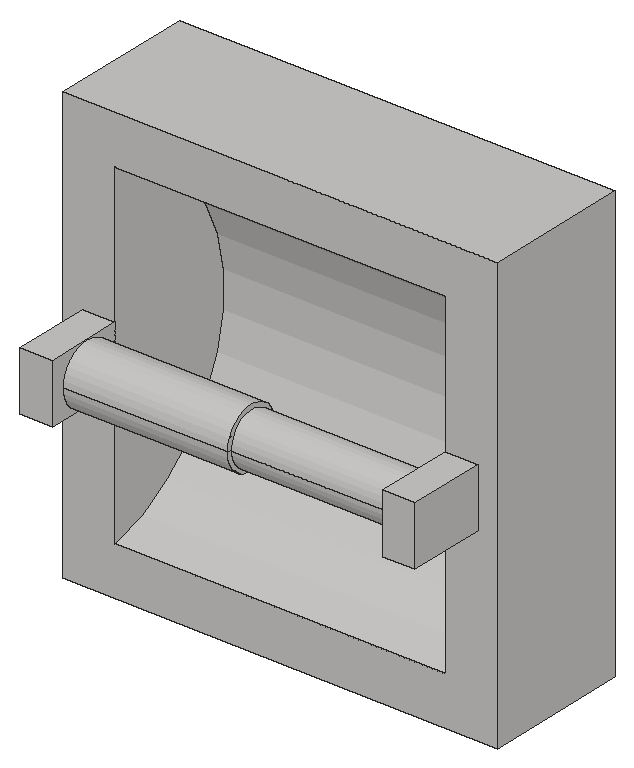
Revit family "Toilet Roll Dispenser_Metlam_Single_Surface Mounted", category Specialty Equipment, Revit 2016
Family settings
  Part Type = Normal
  Round Connector Dimension = Use Diameter
  OmniClass Number = 23.40.20.21.21
  OmniClass Title = Toilet Paper Dispensers
  Work Plane-Based = No
  Always vertical = Yes
  Cut with Voids When Loaded = No
  Shared = No
  Room Calculation Point = Yes
Parameters (values of type "161w x 83d x 161h (ML260SM_S)")
  URL = "http://www.metlam.com.au/"
  Type Comments = "Toilet Roll Dispensers"  # constant formula
  Model = "ML260SM_S"
  Material_ANZRS = z_Metlam_Metal_Stainless Steel_Satin
  Manufacturer_URL__Product Specific = "https://www.metlam.com.au/product/content/toilet-roll-dispensers/ML260SM"
  Manufacturer_Spec Code = Model  # "ML260SM_S"
  Manufacturer_Overall Width = 161 mm  # constant formula
  Manufacturer_Overall Height = 161 mm  # constant formula
  Manufacturer_Overall Depth = 83 mm  # constant formula
  Manufacturer_Height From FFL [instance] = 585 mm
  Manufacturer = "Metlam"  # constant formula
  Description = "Single Toilet Roll Holder"  # constant formula
  CreatedBy_ANZRS = "IGS BIM Solutions"  # constant formula
  CreatedByURL_ANZRS = "http://www.igsgroup.com.au/"
  Assembly Code = ""
Reference planes
  plane 1 "Back": y = 0
  plane 2 "Ref. Level": z = 0
  plane 3 "Center (Left/Right)": x = 0
  plane 4 "Toilet Paper Dispenser Right": x = 80.5
  plane 5 "Toilet Paper Dispenser Left": x = -80.5
  plane 6 "Wall Mount_Front": y = -54
  plane 7 "Top": z = 665.5
  plane 8 "Bottom": z = 504.5
  plane 9 "Mounting Height": z = 585
  plane 10 "Front": y = -83
Forms (mm)
  Extrusion 1, solid, material "z_Metlam_Metal_Stainless Steel_Satin" <- "Material_ANZRS"
    sketch origin (0, 0, -20) x (1, 0, 0) y (0, 0, 1)
      loop
        line (-80.5, 685.5) -> (-80.5, 524.5) -> (80.5, 524.5) -> (80.5, 685.5) -> (-80.5, 685.5)
    from 0 to 54
  Revolve 2, solid, material "z_Metlam_Metal_Stainless Steel_Satin" <- "Material_ANZRS"
    sketch origin (-73.125, -1524, 585) x (-1, 0, 0) y (0, -1, 0)
      loop
        line (-12.01, -1456.68) -> (-12.01, -1445.68) -> (-73.125, -1445.68) -> (-73.125, -1447.18) -> (-134.239, -1447.18) -> (-134.239, -1456.68) -> (-12.01, -1456.68)
      axis (-12.01, -1456.68) -> (-134.239, -1456.68)
    angle from 0 to 360
  Extrusion 3, solid, material "z_Metlam_Metal_Stainless Steel_Satin" <- "Material_ANZRS"
    sketch origin (0, 0, 0) x (0, 1, 0) y (0, 0, 1)
      loop
        line (-54, 596) -> (-83, 596) -> (-83, 574) -> (-54, 574) -> (-54, 596)
    from 61.115 to 73.125
  Extrusion 4, solid, material "z_Metlam_Metal_Stainless Steel_Satin" <- "Material_ANZRS"
    sketch origin (0, 0, 0) x (0, 1, 0) y (0, 0, -1)
      loop
        line (-54, -596) -> (-54, -574) -> (-83, -574) -> (-83, -596) -> (-54, -596)
    from 61.115 to 73.125
  Extrusion 5, void
    sketch origin (0, 0, 0) x (0, 1, 0) y (0, 0, 1)
      loop
        arc (-54, 522.518) -> (-3.854, 585) -> (-54, 647.482) r 64
        line (-54, 647.482) -> (-54, 522.518)
    from -61.115 to 61.115
Cuts and joins
  Extrusion 5 cuts Extrusion 1
Lines and regions (mm)
  Masking region 1
    outline origin (0, 0, 0) x (1, 0, 0) y (0, 1, 0)
      loop
        line (-80.5, 0) -> (-80.5, -54) -> (-73.125, -54) -> (-73.125, -83) -> (-61.115, -83) -> (-61.115, -78.32) -> (61.115, -78.32) -> (61.115, -83) -> (73.125, -83) -> (73.125, -54) -> (80.5, -54) -> (80.5, 0) -> (-80.5, 0)
  symbolic lines, style "Bathroom Fixtures", detail levels medium+fine
    curve 1: line (-73.125, -54, 0) -> (73.125, -54, 0)
    curve 2: line (61.115, -78.32, 0) -> (61.115, -54, 0)
    curve 3: line (-61.115, -78.32, 0) -> (-61.115, -54, 0)
Text (mm)
  text "> Contact Manufacturer to confirm feasibility of design variations outside the scope of this Revit Family\n\n\n\nDisclaimer:\n\nDue to ongoing product development and manufacturing evolution, product details are subject to change without notice. Please refer to product technical data sheets on the manufacturer’s website for the most current product information. Please allow a +/- 5mm manufacturing tolerance for dimensions and set-outs shown in product literature." at (232.439, 79.771, 0), in view "Ref. Level_Instruction"
Dimensions and locks
  "Manufacturer_Overall Height": plane 7 "Top" to plane 8 "Bottom"
  "Manufacturer_Overall Width": plane 5 "Toilet Paper Dispenser Left" to plane 4 "Toilet Paper Dispenser Right"
  "Manufacturer_Height From FFL": plane 9 "Mounting Height" to level
  equal spacing: plane 7 "Top", plane 9 "Mounting Height", plane 8 "Bottom"
  "Manufacturer_Overall Depth": plane 10 "Front" to plane 1 "Back"
  aligned and locked: plane 2 "Ref. Level" to level
  aligned and locked: plane 6 "Wall Mount_Front" to Extrusion 1
  aligned and locked: plane 7 "Top" to cut or joined group of Extrusion 1, Extrusion 5
  aligned and locked: plane 8 "Bottom" to cut or joined group of Extrusion 1, Extrusion 5
  aligned and locked: cut or joined group of Extrusion 1, Extrusion 5 to plane 5 "Toilet Paper Dispenser Left"
Automatic sketch dimensions
  Extrusion 3 sketch curve to Extrusion 3 sketch curve = 22 mm
  Extrusion 4 sketch curve to Extrusion 4 sketch curve = 22 mm
  Extrusion 1 sketch curve to Extrusion 1 sketch curve = 161 mm  (x2)
  Extrusion 3 sketch curve to Extrusion 3 sketch curve = 29 mm
  Extrusion 4 sketch curve to Extrusion 4 sketch curve = 29 mm
  Extrusion 5 sketch curve to Extrusion 5 sketch curve = 13.854 mm
  Extrusion 5 sketch curve to Extrusion 5 sketch curve = 62.482 mm
  Extrusion 1 sketch curve to plane 5 "Toilet Paper Dispenser Left" = 0 mm
  plane 8 "Bottom" to Extrusion 1 sketch curve = 0 mm
  Extrusion 3 sketch curve to plane 6 "Wall Mount_Front" = 0 mm
  Extrusion 4 sketch curve to plane 6 "Wall Mount_Front" = 0 mm
  Extrusion 4 sketch curve to plane 7 "Top" = 69.5 mm
  Extrusion 5 sketch curve to plane 6 "Wall Mount_Front" = 0 mm
  Revolve 2 sketch curve to plane 3 "Center (Left/Right)" = 0 mm
  plane 3 "Center (Left/Right)" to Revolve 2 sketch curve = 3.984 mm
  plane 4 "Toilet Paper Dispenser Right" to Revolve 2 sketch curve = 19.385 mm
  Revolve 2 sketch curve to plane 3 "Center (Left/Right)" = 17.5 mm
  plane 5 "Toilet Paper Dispenser Left" to Revolve 2 sketch curve = 19.385 mm
  plane 6 "Wall Mount_Front" to Revolve 2 sketch curve = 13.32 mm  (x2)
  Revolve 2 sketch curve to Revolve 2 sketch curve = 9.5 mm
  Revolve 2 sketch curve to Revolve 2 sketch curve = 1.5 mm
  Extrusion 3 sketch curve to plane 9 "Mounting Height" = 11 mm
  Extrusion 5 sketch curve to plane 9 "Mounting Height" = 0 mm
  Masking region 1 sketch curve to plane 5 "Toilet Paper Dispenser Left" = 0 mm
  plane 6 "Wall Mount_Front" to Masking region 1 sketch curve = 0 mm  (x2)
  plane 10 "Front" to Masking region 1 sketch curve = 0 mm  (x2)
  plane 1 "Back" to Masking region 1 sketch curve = 0 mm
  Masking region 1 sketch curve to plane 4 "Toilet Paper Dispenser Right" = 0 mm
  plane 5 "Toilet Paper Dispenser Left" to Masking region 1 sketch curve = 7.375 mm
  Masking region 1 sketch curve to Masking region 1 sketch curve = 12.01 mm
  Masking region 1 sketch curve to plane 10 "Front" = 4.68 mm
  plane 4 "Toilet Paper Dispenser Right" to Masking region 1 sketch curve = 19.385 mm
  plane 4 "Toilet Paper Dispenser Right" to Masking region 1 sketch curve = 7.375 mm
  plane 6 "Wall Mount_Front" to curve 1 = 0 mm
  plane 5 "Toilet Paper Dispenser Left" to curve 1 = 7.375 mm
  curve 3 to plane 10 "Front" = 4.68 mm
  plane 5 "Toilet Paper Dispenser Left" to curve 3 = 19.385 mm
  plane 4 "Toilet Paper Dispenser Right" to curve 2 = 19.385 mm
  plane 4 "Toilet Paper Dispenser Right" to curve 1 = 7.375 mm
  curve 2 to plane 10 "Front" = 4.68 mm
